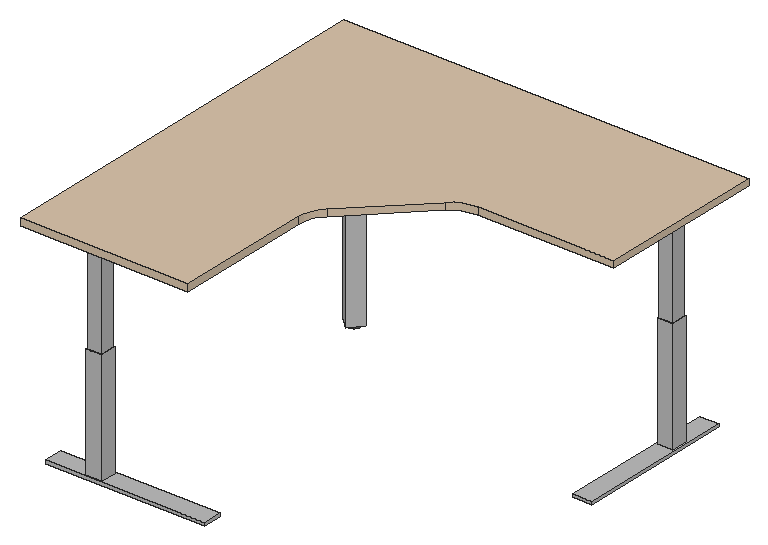
Revit family "Haworth_Planes_HeightAdjustTable_Corner90_Notched", category Furniture Systems, Revit 2018
Family settings
  Round Connector Dimension = Use Diameter
  Part Type = Normal
  OmniClass Number = 23.40.70.14.64.21
  OmniClass Title = Systems Furniture
  Work Plane-Based = No
  Always vertical = Yes
  Cut with Voids When Loaded = No
  Shared = No
  Room Calculation Point = No
Parameters (values of type "70" x 70" x 29"")
  Width = 70"
  Warranty = "https://www.haworth.com/resources/product-info/warranties"
  URL - Product = "https://www.haworth.com/products/tables/height-adjustable/planes"
  Table Finish [instance] = Haworth _ Laminate _ Maple H-AE
  Table Edge Finish [instance] = Haworth _ Laminate _ Maple H-AE
  Radius = if(and(Depth > 22 1/2", Width < 40"), 4 1/4", 10 1/4")  # 10 1/4"
  Model = "TACN, TACP"  # constant formula
  Min/Max Width = "40-70 in. @ 6 in. increment"  # constant formula
  Min/Max Length = "46-70 in. @ 6 in. increment"  # constant formula
  Min/Max Depth = "23 or 29 in."  # constant formula
  Min. Height = 27"  # constant formula
  Min. Width = 40"  # constant formula
  Min. Depth = 23"  # constant formula
  Max. Height = 46"  # constant formula
  Max. Width = 70"  # constant formula
  Max. Depth = 29"  # constant formula
  Length = 70"
  URL = "www.haworth.com"
  Support Height = Actual Height - Top Thickness  # 38 13/16"
  Size = "Verify Final Dim. w/ Haworth"  # constant formula
  Revision Number = "1"  # constant formula
  Min. Length = 46"  # constant formula
  Max. Length = 70"  # constant formula
  Manufacturer = "Haworth"  # constant formula
  Leg Inset Length = if(Depth > 22 1/2", 6", 8")  # 6"
  Leg Finish [instance] = Haworth _ Paint _ Metallic Champagne
  Height = 40"
  Description = "Haworth Planes - HAT Corner-90 - Notched - 70\" x 70\" x 29\""
  Depth = 29"
  Custom Size = not(and(or(Depth = 23", Depth = 29"), or(Width = 40", Width = 46", Width = 52", Width = 58", Width = 64", Width = 70"), or(Length = 46", Length = 52", Length = 58", Length = 64", Length = 70")))  # no
  Base Tube Finish = Haworth _ Paint _ Smoke
  Back Post Offset = 12 55/64"  # constant formula
  Back Leg Offset = if(Actual Depth < 27", 6 3/32", 9 3/32")  # 9 3/32"
  Author = "Haworth (Alias)"  # constant formula
  Assembly Code = "E2020200"
  Actual Width = if(Width > Max. Width, Max. Width, if(Width < Min. Width, Min. Width, Width))  # 70"
  Actual Length = if(Length > Max. Length, Max. Length, if(Length < Min. Length, Min. Length, Length))  # 70"
  Actual Height = if(Height > Max. Height, Max. Height, if(Height < Min. Height, Min. Height, Height))  # 40"
  Top Thickness = 1 3/16"  # constant formula
  Actual Depth = if(Depth > Max. Depth, Max. Depth, if(Depth < Min. Depth, Min. Depth, Depth))  # 29"
  23 Deep = Actual Depth < 27"  # no
Types (4): name | Width | Warranty | URL - Product | Length | Description | Depth | Back Leg Offset | Actual Width | Actual Length | Actual Depth | 23 Deep
  70" x 70" x 29" | 70" | "https://www.haworth.com/resources/product-info/warranties" | "https://www.haworth.com/products/tables/height-adjustable/planes" | 70" | "Haworth Planes - HAT Corner-90 - Notched - 70\" x 70\" x 29\"" | 29" | 9 3/32" | 70" | 70" | 29" | no
  52" x 52" x 23" | 52" | "www.haworth.com/en-us/Products/Pages/Certifications.aspx" | "http://www.haworth.com/en-us/Products/Furniture/Systems/Desking-Systems/Pages/Compose.aspx" | 52" | "Haworth Planes - HAT Corner-90 - WrapAround - 52\" x 52\" x 23\"" | 23" | 6 3/32" | 52" | 52" | 23" | yes
  46" x 58" x 23" | 46" | "www.haworth.com/en-us/Products/Pages/Certifications.aspx" | "http://www.haworth.com/en-us/Products/Furniture/Systems/Desking-Systems/Pages/Compose.aspx" | 58" | "Haworth Planes - HAT Corner-90 - WrapAround - 46\" x 58\" x 23\"" | 23" | 6 3/32" | 46" | 58" | 23" | yes
  58" x 70" x 29" | 58" | "www.haworth.com/en-us/Products/Pages/Certifications.aspx" | "http://www.haworth.com/en-us/Products/Furniture/Systems/Desking-Systems/Pages/Compose.aspx" | 70" | "Haworth Planes - HAT Corner-90 - WrapAround - 58\" x 70\" x 29\"" | 29" | 9 3/32" | 58" | 70" | 29" | no
Reference planes (in)
  plane 1 "Center F/B": y = -0.5
  plane 2 "Floor": z = 0
  plane 3 "Center L/R": x = 6
  plane 4 "Top": z = 40
  plane 5 "Table Bottom": z = 38.8125
  plane 6 "Back": y = 8.59375
  plane 7 "Left": x = -29
  plane 8 "Inside Front": y = -20.40625
  plane 9 "Right": x = 41
  plane 10 "Front": y = -61.40625
  plane 11 "Inside Right": x = 0
  plane 12: x = -19.90625
  plane 13 "masking region": z = 38
  plane 14 "Right Leg": x = 35
  plane 15 "Left Leg": y = -55.40625
  plane 16 "Center FB": y = -26.40625
  plane 17 "Centre Angle": through (-29, 8.59375, 48) normal (0.7071, 0.7071, 0)
  plane 18 "Leg Post Angle": through (-19.90705, -0.4992, 48) normal (-0.7071, 0.7071, 0)
  plane 19: through (-29, 8.59375, 48) normal (-0.7071, 0.7071, 0)
Dimensions and locks (in)
  "Actual Height": plane 4 "Top" to level
  "Top Thickness": plane 4 "Top" to plane 5 "Table Bottom"
  "Actual Width": plane 9 "Right" to plane 7 "Left"
  equal spacing: plane 9 "Right", plane 3 "Center L/R", plane 7 "Left"
  "Actual Depth": plane 6 "Back" to plane 8 "Inside Front"
  "Actual Length": plane 6 "Back" to plane 10 "Front"
  locked: plane 4 "Top" to plane 13 "masking region" at 2
  "Leg Inset Length": plane 14 "Right Leg" to plane 9 "Right"
  "Leg Inset Length": plane 15 "Left Leg" to plane 10 "Front"
  "Back Leg Offset": plane 7 "Left" to plane 12
  "Back Leg Offset": plane 6 "Back" to plane 1 "Center F/B"
  equal spacing: plane 6 "Back", plane 16 "Center FB", plane 10 "Front"
  "Back Post Offset": plane 19 to plane 18 "Leg Post Angle"
  "Actual Depth": plane 7 "Left" to plane 11 "Inside Right"
  aligned and locked: plane 2 "Floor" to nested 1
  aligned and locked: nested 2 to plane 2 "Floor"
  aligned and locked: nested 2 to plane 1 "Center F/B"
  aligned and locked: plane 14 "Right Leg" to nested 2
  aligned and locked: plane 15 "Left Leg" to nested 1
  aligned and locked: nested 1 to plane 12
  aligned and locked: plane 2 "Floor" to nested 3
  aligned and locked: plane 17 "Centre Angle" to nested 3
  aligned and locked: nested 3 to plane 18 "Leg Post Angle"
  aligned and locked: plane 2 "Floor" to nested 4
  aligned and locked: plane 6 "Back" to nested 4
  aligned and locked: nested 4 to plane 7 "Left"
Nested families (in)
  nested 1: "Haworth_Support-Height_Adjustable_Leg_Part" at (-19.90625, -55.40625, 0) x (0, 1, 0) z (0, 0, 1), type "Leg"
    with Top Support Front 14 1/8", Leg Length Middle 9 1/8", Leg Length Front 19 5/16", Leg Length Back 8 1/8", Leg Height 38 13/16", Actual Depth 27 7/16", 29 Deep yes, 23 Deep no
  nested 2: "Haworth_Support-Height_Adjustable_Leg_Part" at (35, -0.5, 0) x (-1, 0, 0) z (0, 0, 1), type "Leg"
    with Top Support Front 14 1/8", Leg Length Middle 9 1/8", Leg Length Front 19 5/16", Leg Length Back 8 1/8", Leg Height 38 13/16", Actual Depth 27 7/16", 29 Deep yes, 23 Deep no
  nested 3: "Haworth_Support-Height_Adjustable_Leg-Post_Part" at (-19.90705, -0.4992, 0) x (0.7071, 0.7071, 0) z (0, 0, 1), type "Leg"
  nested 4: "Haworth_Planes_Worksurface_Corner90Notched_Part" at (-9, -26.40625, 0), type "Worksurface"
    with Actual Width 70", Actual Height 40"
Definition of nested family "Haworth_Support-Height_Adjustable_Leg_Part"
  Parameters (values of type "Leg")
    URL = "www.haworth.com"
    Top Support Front = if([29 Deep], 14 1/8", 8 1/8")  # 8 1/8"
    Note = "Verify Final Dim. w/ Haworth"  # constant formula
    Manufacturer = "Haworth"  # constant formula
    Leg Length Middle = if([29 Deep], 9 1/8", 7 1/8")  # 7 1/8"
    Leg Length Front = if([29 Deep], 19 5/16", 16 5/16")  # 16 5/16"
    Leg Length Back = if([29 Deep], 8 1/8", 5 1/8")  # 5 1/8"
    Leg Height = 27 13/16"
    Leg Finish = none
    Glide Finish = none
    Base Tube Finish = none
    Assembly Code = ""
    Actual Depth = if([29 Deep], 27 7/16", 21 7/16")  # 21 7/16"
    29 Deep = not([23 Deep])  # no
    23 Deep = yes
  Reference planes (in)
    plane 1 "Center (Front/Back)": y = 0
    plane 2 "Bottom": z = 0
    plane 3 "Center (Left/Right)": x = 0
    plane 4 "Bottom of Top": z = 27.8125
    plane 5: z = 0.375
    plane 6: y = 2.4375
    plane 7: y = -12.125
    plane 8: x = 1.375
    plane 9: x = -1.375
    plane 10: x = -1.625
    plane 11: x = 1.625
    plane 12: y = 5.125
    plane 13: y = -16.3125
    plane 14: y = -14.9375
    plane 15: y = 3.9375
    plane 16 "Support Bottom": z = 25.1875
    plane 17: y = 7.875
    plane 18: y = -8.125
    plane 19 "Top Base": z = 0.875
    plane 20 "Top of Leg": z = 20.4375
  Forms (in)
    Extrusion 1, solid, material <- "Leg Finish"
      sketch origin (0, 0, 0) x (0, -1, 0) y (0, 0, -1)
        loop
          line (16.3125, -0.375) -> (-5.125, -0.375) -> (-5.125, -0.875) -> (16.3125, -0.875) -> (16.3125, -0.375)
      from -1.625 to 1.625
    Extrusion 2, solid, material <- "Leg Finish"
      sketch origin (0, 0, 2.5625) x (-1, 0, 0) y (0, -1, 0)
        loop
          line (1.375, -1.375) -> (1.375, 1.375) -> (-1.375, 1.375) -> (-1.375, -1.375) -> (1.375, -1.375)
      from -1.6875 to 17.875
    Extrusion 3, solid, material <- "Leg Finish"
      sketch origin (-1.375, -19.87459, 48) x (0, -1, 0) y (0, 0, -1)
        loop
          line (-10.24959, 20.1875) -> (-10.24959, 21.66628) -> (-16.14638, 22.8125) -> (-20.66006, 22.8125) -> (-26.24959, 20.55418) -> (-26.24959, 20.1875) -> (-10.24959, 20.1875)
      from 0 to -0.125
    Extrusion 4, solid, material <- "Base Tube Finish"
      sketch origin (0, 0, 2.5625) x (-1, 0, 0) y (0, -1, 0)
        loop
          line (1.1875, -1.1875) -> (1.1875, 1.1875) -> (-1.1875, 1.1875) -> (-1.1875, -1.1875) -> (1.1875, -1.1875)
      from 17.875 to 25.25
    Extrusion 5, solid, material <- "Glide Finish"
      sketch origin (0, 0, 0) x (1, 0, 0) y (0, 1, 0)
        loop
          circle (0, 2.4375) r 1.12339
        loop
          circle (0, -12.125) r 1.12816
      from 0 to 0.375
  Cuts and joins
    joined: Extrusion 1, Extrusion 2
  Lines and regions (in)
    Masking region 1, detail levels medium+fine
      outline origin (0, 0, 0) x (1, 0, 0) y (0, 1, 0)
        loop
          line (-1.625, -16.3125) -> (1.625, -16.3125) -> (1.625, 5.125) -> (-1.625, 5.125) -> (-1.625, -16.3125)
    symbolic lines, detail levels medium+fine
      curve 1: line (-1.375, 1.375, 0) -> (1.375, 1.375, 0)
      curve 2: line (-1.375, -1.375, 0) -> (-1.375, 1.375, 0)
      curve 3: line (1.375, -1.375, 0) -> (-1.375, -1.375, 0)
      curve 4: line (1.375, 1.375, 0) -> (1.375, -1.375, 0)
  Dimensions and locks (in)
    "Leg Height": plane 4 "Bottom of Top" to level
    level to plane 5 = 3/8"
    locked: plane 9 to plane 8 at 2.75
    locked: plane 10 to plane 11 at 3.25
    equal spacing: plane 10, plane 3 "Center (Left/Right)", plane 11
    equal spacing: plane 9, plane 3 "Center (Left/Right)", plane 8
    locked: plane 4 "Bottom of Top" to plane 16 "Support Bottom" at 2.625
    Extrusion 2 sketch curve to plane 1 "Center (Front/Back)" to Extrusion 2 sketch curve = 1 3/8", 1 3/8"
    "Leg Length Front": plane 13 to plane 1 "Center (Front/Back)"
    "Leg Length Back": plane 1 "Center (Front/Back)" to plane 12
    locked: plane 13 to plane 14 at 1.375
    locked: plane 14 to plane 7 at 2.8125
    locked: plane 15 to plane 12 at 1.1875
    locked: plane 6 to plane 15 at 1.5
    plane 1 "Center (Front/Back)" to plane 12 = 5 1/8"
    "Top Support Front": plane 18 to plane 1 "Center (Front/Back)"
    plane 19 "Top Base" to plane 5 to plane 2 "Bottom" = 1/2" locked, 3/8" locked
    locked: plane 20 "Top of Leg" to plane 2 "Bottom" at 20.4375
    angle plane 4 "Bottom of Top" to Extrusion 3 sketch curve = 22.00°
    angle Extrusion 3 sketch curve to plane 4 "Bottom of Top" = 11.00°
    aligned and locked: plane 11 to Extrusion 1
    aligned and locked: Extrusion 1 to plane 10
    aligned and locked: plane 9 to Extrusion 2 sketch curve
    aligned and locked: Extrusion 2 sketch curve to plane 8
    aligned: plane 4 "Bottom of Top" to Extrusion 2
    aligned and locked: Extrusion 3 sketch curve to plane 16 "Support Bottom"
    aligned and locked: Extrusion 3 sketch curve to plane 4 "Bottom of Top"
    aligned and locked: plane 4 "Bottom of Top" to Extrusion 4
    aligned and locked: Extrusion 2 to Extrusion 1
    aligned and locked: Masking region 1 sketch curve to plane 11
    aligned and locked: plane 10 to Masking region 1 sketch curve
    aligned and locked: plane 13 to Masking region 1 sketch curve
    aligned and locked: curve 1 to cut or joined group of Extrusion 1, Extrusion 2
    aligned and locked: curve 2 to cut or joined group of Extrusion 1, Extrusion 2
    aligned and locked: curve 3 to cut or joined group of Extrusion 1, Extrusion 2
    aligned and locked: curve 4 to cut or joined group of Extrusion 1, Extrusion 2
    aligned and locked: Extrusion 5 to plane 2 "Bottom"
    aligned and locked: plane 5 to cut or joined group of Extrusion 1, Extrusion 2
    aligned and locked: Extrusion 5 to plane 5
    aligned and locked: plane 19 "Top Base" to cut or joined group of Extrusion 1, Extrusion 2
    aligned and locked: cut or joined group of Extrusion 1, Extrusion 2 to plane 19 "Top Base"
    aligned and locked: plane 20 "Top of Leg" to cut or joined group of Extrusion 1, Extrusion 2
    aligned and locked: Extrusion 4 to plane 20 "Top of Leg"
    aligned and locked: Extrusion 4 to plane 4 "Bottom of Top"
  Automatic sketch dimensions
    plane 17 to Extrusion 3 sketch curve = 1 1/2"
    plane 18 to Extrusion 3 sketch curve = 1 1/2"
    plane 1 "Center (Front/Back)" to Extrusion 3 sketch curve = 0.78546"
    Extrusion 3 sketch curve to plane 1 "Center (Front/Back)" = 3.72822"
    Extrusion 4 sketch curve to plane 8 = 3/16"
    plane 9 to Extrusion 4 sketch curve = 3/16"
    Extrusion 4 sketch curve to plane 1 "Center (Front/Back)" = 1 3/16"
    plane 1 "Center (Front/Back)" to Extrusion 4 sketch curve = 1 3/16"
    Extrusion 5 sketch curve to plane 3 "Center (Left/Right)" = 0"  (x2)
    Extrusion 5 sketch curve to plane 7 = 0"
    Extrusion 5 sketch curve to plane 6 = 0"
    Extrusion 1 sketch curve to plane 12 = 0"
    Extrusion 1 sketch curve to plane 13 = 0"
    Extrusion 1 sketch curve to level = 3/8"
    Extrusion 1 sketch curve to Extrusion 1 sketch curve = 1/2"
    Masking region 1 sketch curve to plane 12 = 0"
    radius of Extrusion 5 sketch curve = 1.12339"
    radius of Extrusion 5 sketch curve = 1.12816"
Definition of nested family "Haworth_Support-Height_Adjustable_Leg-Post_Part"
  Parameters (values of type "Leg")
    URL = "www.haworth.com"
    Support Finish = none
    Note = "Verify Final Dim. w/ Haworth"  # constant formula
    Manufacturer = "Haworth"  # constant formula
    Leg Height = 38 13/16"
    Leg Finish = none
    Glide Finish = none
    Assembly Code = ""
  Reference planes (in)
    plane 1 "Center (Front/Back)": y = 0
    plane 2 "Bottom": z = 0
    plane 3 "Center (Left/Right)": x = 0
    plane 4 "Bottom of Top": z = 38.8125
    plane 5: z = 0.375
    plane 6: x = 1.375
    plane 7: x = -1.375
    plane 8 "Top of Leg": z = 20.4375
    plane 9: y = 8.03721
    plane 10: y = -8.03721
  Forms (in)
    Extrusion 1, solid, material <- "Leg Finish"
      sketch origin (0, 0, 2.5625) x (-1, 0, 0) y (0, -1, 0)
        loop
          line (1.375, -1.375) -> (1.375, 1.375) -> (-1.375, 1.375) -> (-1.375, -1.375) -> (1.375, -1.375)
      from -2.1875 to 17.875
    Extrusion 2, solid, material <- "Support Finish"
      sketch origin (0, 0, 2.5625) x (-1, 0, 0) y (0, -1, 0)
        loop
          line (1.1875, -1.1875) -> (1.1875, 1.1875) -> (-1.1875, 1.1875) -> (-1.1875, -1.1875) -> (1.1875, -1.1875)
      from 17.875 to 36.25
    Extrusion 3, solid, material <- "Glide Finish"
      sketch origin (0, 0, 0) x (1, 0, 0) y (0, 1, 0)
        loop
          circle (0, 0) r 1.12339
      from 0 to 0.375
  Lines and regions (in)
    Masking region 1, detail levels medium+fine
      outline origin (0, 0, 0) x (1, 0, 0) y (0, 1, 0)
        loop
          line (-1.375, 1.375) -> (-1.375, -1.375) -> (1.375, -1.375) -> (1.375, 1.375) -> (-1.375, 1.375)
  Dimensions and locks (in)
    level to plane 5 = 3/8"
    locked: plane 7 to plane 6 at 2.75
    equal spacing: plane 7, plane 3 "Center (Left/Right)", plane 6
    Extrusion 1 sketch curve to plane 1 "Center (Front/Back)" to Extrusion 1 sketch curve = 1 3/8", 1 3/8"
    plane 8 "Top of Leg" to level = 20 7/16"
    plane 3 "Center (Left/Right)" to Extrusion 1 = 1 3/8"
    locked: plane 8 "Top of Leg" to plane 2 "Bottom" at 20.4375
    locked: plane 5 to plane 2 "Bottom" at 0.375
    "Leg Height": plane 4 "Bottom of Top" to plane 2 "Bottom"
    aligned and locked: plane 7 to Extrusion 1 sketch curve
    aligned and locked: Extrusion 1 sketch curve to plane 6
    aligned: plane 4 "Bottom of Top" to Extrusion 1
    aligned and locked: plane 4 "Bottom of Top" to Extrusion 2
    aligned and locked: Extrusion 3 to plane 2 "Bottom"
    aligned and locked: Extrusion 3 to plane 5
    aligned and locked: plane 5 to Extrusion 1
    aligned and locked: plane 8 "Top of Leg" to Extrusion 1
    aligned and locked: Extrusion 2 to plane 8 "Top of Leg"
    aligned and locked: Extrusion 2 to plane 4 "Bottom of Top"
    aligned and locked: Masking region 1 sketch curve to Extrusion 1  (x4)
  Automatic sketch dimensions
    Extrusion 2 sketch curve to plane 6 = 3/16"
    plane 7 to Extrusion 2 sketch curve = 3/16"
    Extrusion 2 sketch curve to plane 1 "Center (Front/Back)" = 1 3/16"
    plane 1 "Center (Front/Back)" to Extrusion 2 sketch curve = 1 3/16"
    Extrusion 3 sketch curve to plane 3 "Center (Left/Right)" = 0"
    plane 1 "Center (Front/Back)" to Extrusion 3 sketch curve = 0"
    radius of Extrusion 3 sketch curve = 1.12339"
Definition of nested family "Haworth_Planes_Worksurface_Corner90Notched_Part"
  Parameters (values of type "Worksurface")
    Warranty = "http://www.haworth.com/resources/product-info/warranties"
    User Edge Distance = if(Actual Depth < 27", 47 1/4", 51 1/2")  # 51 1/2"
    URL - Product = "https://www.haworth.com/products/tables/height-adjustable/planes"
    URL = "www.haworth.com"
    Thickness = 1 3/16"  # constant formula
    Table Finish = none
    Table Edge Finish = none
    Size = "Verify Final Dim. w/ Haworth"  # constant formula
    Revision Number = ""
    Radius = 6"
    Model = "Haworth Planes"  # constant formula
    Manufacturer = "Haworth"  # constant formula
    Description = "Haworth Planes Worksurface - Part"
    Author = "Haworth (Alias)"  # constant formula
    Assembly Code = ""
    Actual Width = 64"
    Actual Length = 70"
    Actual Height = 29"
    Actual Depth = 29"
  Reference planes (in)
    plane 1: z = 0
    plane 2 "Table Front": y = 35
    plane 3 "Table Right": x = 44
    plane 4 "Table Left": x = -20
    plane 5 "Table Back": y = -35
    plane 6 "Table Top": z = 29
    plane 7 "Table Bottom": z = 27.8125
    plane 8 "Knife Edge Middle": z = 28.625
    plane 9: through (-20, 35, 48) normal (0.7071, 0.7071, 0)
    plane 10 "Back Control": through (-20, 35, 48) normal (-0.7071, 0.7071, 0)
    plane 11 "User Edge": through (16.416, -1.416, 48) normal (-0.7071, 0.7071, 0)
    plane 12 "Depth 1": x = 9
    plane 13 "Depth 2": y = 6
  Forms (in)
    Extrusion 1, solid, material <- "Table Finish"
      sketch origin (0, 0, 0) x (1, 0, 0) y (0, 1, 0)
        loop
          line (-20, -35) -> (9, -35) -> (9, -11.31728)
          arc (9, -11.31728) -> (9.45672, -9.02118) -> (10.75736, -7.07464) r 6
          line (10.75736, -7.07464) -> (22.07464, 4.24264)
          arc (22.07464, 4.24264) -> (24.02118, 5.54328) -> (26.31728, 6) r 6
          line (26.31728, 6) -> (44, 6) -> (44, 35) -> (-20, 35) -> (-20, -35)
      from 27.8125 to 29
  Lines and regions (in)
    Masking region 1
      outline origin (0, 0, 0) x (1, 0, 0) y (0, 1, 0)
        loop
          line (44, 6) -> (44, 35) -> (-20, 35) -> (-20, -35) -> (9, -35) -> (9, -11.31728)
          arc (9, -11.31728) -> (9.45672, -9.02118) -> (10.75736, -7.07464) r 6
          line (10.75736, -7.07464) -> (22.07464, 4.24264)
          arc (22.07464, 4.24264) -> (24.02118, 5.54328) -> (26.31728, 6) r 6
          line (26.31728, 6) -> (44, 6)
  Dimensions and locks (in)
    "Actual Width": plane 4 "Table Left" to plane 3 "Table Right"
    "Thickness": plane 6 "Table Top" to plane 7 "Table Bottom"
    "Actual Height": plane 6 "Table Top" to level
    locked: plane 6 "Table Top" to plane 8 "Knife Edge Middle" at 0.375
    "Actual Length": plane 2 "Table Front" to plane 5 "Table Back"
    "User Edge Distance": plane 10 "Back Control" to plane 11 "User Edge"
    "Actual Depth": plane 2 "Table Front" to plane 13 "Depth 2"
    "Actual Depth": plane 4 "Table Left" to plane 12 "Depth 1"
    aligned and locked: plane 6 "Table Top" to Extrusion 1
    aligned and locked: Extrusion 1 to plane 7 "Table Bottom"
    aligned and locked: Extrusion 1 sketch curve to plane 13 "Depth 2"
    aligned and locked: Extrusion 1 sketch curve to plane 2 "Table Front"
    aligned and locked: plane 4 "Table Left" to Extrusion 1 sketch curve
    aligned and locked: plane 5 "Table Back" to Extrusion 1 sketch curve
    aligned and locked: Extrusion 1 sketch curve to plane 3 "Table Right"
    aligned and locked: plane 2 "Table Front" to Masking region 1 sketch curve
    aligned and locked: Masking region 1 sketch curve to plane 4 "Table Left"
    aligned and locked: Masking region 1 sketch curve to plane 12 "Depth 1"
    aligned and locked: Masking region 1 sketch curve to plane 11 "User Edge"
    aligned and locked: Masking region 1 sketch curve to plane 3 "Table Right"
    aligned and locked: plane 5 "Table Back" to Masking region 1 sketch curve
    aligned and locked: plane 13 "Depth 2" to Masking region 1 sketch curve
    aligned and locked: Extrusion 1 sketch curve to plane 11 "User Edge"
    aligned and locked: Extrusion 1 sketch curve to plane 12 "Depth 1"
  Automatic sketch dimensions
    Masking region 1 sketch curve to plane 13 "Depth 2" = 1.75736"
    Extrusion 1 sketch curve to plane 13 "Depth 2" = 1.75736"
    Extrusion 1 sketch curve to Extrusion 1 sketch curve = 4.24264"  (x2)
    Masking region 1 sketch curve to plane 13 "Depth 2" = 6"
    plane 12 "Depth 1" to Extrusion 1 sketch curve = 1.75736"
    plane 12 "Depth 1" to Masking region 1 sketch curve = 1.75736"
    Masking region 1 sketch curve to Masking region 1 sketch curve = 4.24264"
